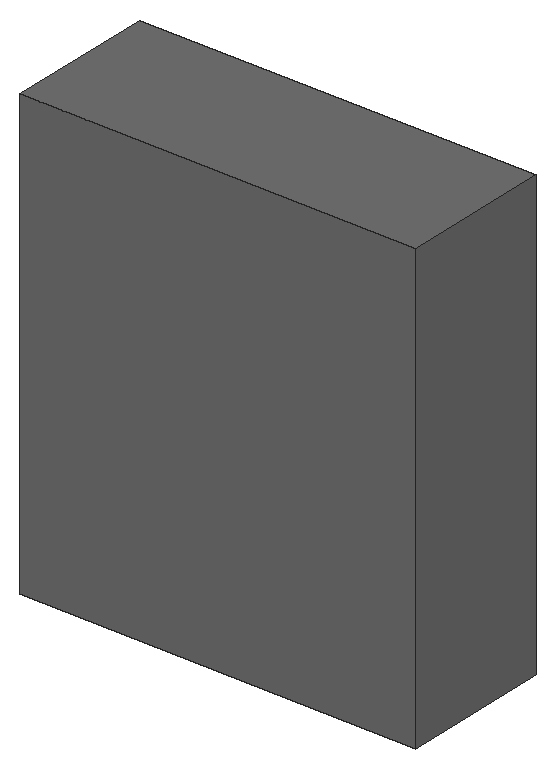
Revit family "FL0111E FAAST-LT aspirasjonsdetektor en kanal", category Fire Alarm Devices, Revit 2016
Family settings
  Maintain Annotation Orientation = No
  Part Type = Normal
  Round Connector Dimension = Use Diameter
  OmniClass Number = 23.85.30.21
  OmniClass Title = Environmental Detection/Registration
  Work Plane-Based = No
  Always vertical = Yes
  Cut with Voids When Loaded = No
  Shared = No
  Room Calculation Point = No
Parameters (values of type "Aspirasjonsdetektor")
  Type Comments = "-RY"
  NV Type tekst synlig [instance] = yes
  NV Type = "ASP"
  NV Montering tekst synlig [instance] = no
  NV Montering [instance] = "Vegg"
  NS8360 = "5423_XN3"
  Material = Plastic - Dark Grey
  h = 403 mm
  d = 135 mm
  b = 356 mm
  NV Symbol Offset Side [instance] = 0 mm
  NV Symbol Offset Out [instance] = 0 mm
  Model = "FAAST-LT"
  Manufacturer = "Honeywell"
  Load = 0 VA
  NV Symbol Positive Direction [instance] = yes
  Keynote = "XN3"
  Detektorklasse = ""
  CQ Voltage = 230 V
  Assembly Code = "5423"
Reference planes
  plane 1 "Center (Front/Back)": y = 0
  plane 2: z = 0
  plane 3 "Center (Left/Right)": x = 0
  plane 4: y = 135
  plane 5: x = -178
  plane 6: x = 178
  plane 7: z = 201.5
  plane 8: z = -201.5
Forms (mm)
  Extrusion 1, solid, material "Plastic - Dark Grey" <- "Material"
    sketch origin (0, 0, 0) x (1, 0, 0) y (0, 1, 0)
      loop
        line (-178, 135) -> (-178, 0) -> (178, 0) -> (178, 135) -> (-178, 135)
    from -201.5 to 201.5
Lines and regions (mm)
  Split face 1
    outline origin (178, 0, 0) x (-1, 0, 0) y (0, 0, -1)
      loop
        line (276, -201.5) -> (276, 78.5)
        arc (276, 78.5) -> (246.978, 146.052) -> (178, 171.5) r 93.128
        line (178, 171.5) -> (0, 171.5)
  Split face 2
    outline origin (178, 0, 0) x (-1, 0, 0) y (0, 0, -1)
      loop
        line (55.651, -201.5) -> (55.651, 6.321)
        arc (55.651, 6.321) -> (114.651, 65.321) -> (173.651, 6.321) r 59
        line (173.651, 6.321) -> (173.651, -201.5)
Dimensions and locks
  equal spacing: plane 5, plane 3 "Center (Left/Right)", plane 6
  "d": plane 1 "Center (Front/Back)" to plane 4
  equal spacing: plane 7, level, plane 8
  "h": plane 7 to plane 8
  "b": plane 5 to plane 6
  locked: plane 5 to Split face 1 sketch curve at 80
  locked: Split face 1 sketch curve to plane 8 at 30
  aligned and locked: Extrusion 1 sketch curve to plane 4
  aligned and locked: Extrusion 1 sketch curve to plane 5
  aligned and locked: Extrusion 1 sketch curve to plane 1 "Center (Front/Back)"
  aligned and locked: plane 6 to Extrusion 1 sketch curve
  aligned and locked: Extrusion 1 to plane 8
  aligned and locked: plane 7 to Extrusion 1
  aligned and locked: plane 1 "Center (Front/Back)" to nested 1
  aligned and locked: plane 3 "Center (Left/Right)" to nested 1
Automatic sketch dimensions
  Split face 1 sketch curve to Extrusion 1 = 123 mm
  Split face 1 sketch curve to Split face 1 sketch curve = 4.872 mm
  Split face 1 sketch curve to Extrusion 1 = 0 mm  (x2)
  Split face 2 sketch curve to Extrusion 1 = 0 mm  (x2)
  Split face 2 sketch curve to Extrusion 1 = 114.651 mm
  Split face 2 sketch curve to Extrusion 1 = 195.179 mm
  Split face 2 sketch curve to Extrusion 1 = 55.651 mm
Nested families
  nested 1: "Aspirasjonsdet" at (0, 0, 0), type "Type 1"
Connectors
  electrical at (0, 0, 0)
    settings: index 1, voltage 0 V, apparent load 0 VA, apparent load phase1 0 VA, apparent load phase2 0 VA, apparent load phase3 0 VA, power factor 1, load classification "Other", number of poles 1, system type 11, power factor state 1, is connector primary yes, connector utility no, sub classification motor no, connector description ""
  electrical at (0, 0, 0), driven by "CQ Voltage", driven by "Load"
    settings: index 2, voltage 230 V, apparent load 0 VA, apparent load phase1 0 VA, apparent load phase2 0 VA, apparent load phase3 0 VA, power factor 1, load classification "Other", number of poles 1, system type 31, power factor state 1, is connector primary no, connector utility no, sub classification motor no, connector description ""
Definition of nested family "Aspirasjonsdet"
  Parameters (values of type "Type 1")
    Type tekst synlig = yes
    Type = "ASP"
    Montering tekst synlig = no
    Montering = "Vegg"
    CQ Symbol Positive Direction = yes
    CQ Symbol Negative Direction = not(CQ Symbol Positive Direction)  # no
    CQ Symbol Offset Side = 0 mm
    CQ Symbol Offset Out = 0 mm
  Reference planes
    plane 1: y = 0
    plane 2: x = 0
  Dimensions and locks
    "CQ Symbol Offset Side": nested 2 to plane 2
    "CQ Symbol Offset Side": plane 2 to nested 1
    "CQ Symbol Offset Out": plane 1 to nested 1
    "CQ Symbol Offset Out": plane 1 to nested 2
  Nested families
    nested 1: "Brannalarmsentral" at (0, 0, 0), visible <- "CQ Symbol Positive Direction", type "Type1"
    nested 2: "Brannalarmsentral" at (0, 0, 0), visible <- "CQ Symbol Negative Direction", type "Type1"
  Definition of nested family "Brannalarmsentral"
    Parameters (values of type "Type1")
      Type tekst synlig = yes
      Type = "BS"
      Montering tekst synlig = no
      Montering = "Vegg"
    Reference planes
      plane 1: y = 0
      plane 2: x = 0
    Lines and regions (mm)
      detail lines
        curve 1: line (-2.5, 2, 0) -> (2.5, 2, 0)
        curve 2: line (2.5, 2, 0) -> (2.5, 7, 0)
        curve 3: line (2.5, 7, 0) -> (-2.5, 7, 0)
        curve 4: line (-2.5, 7, 0) -> (-2.5, 2, 0)
        curve 5: circle (-1.25, 3, 0) r 0.25 normal (0, 0, 1)
        curve 6: line (-1.25, 3.75, 0) -> (-1, 6, 0)
        curve 7: arc (-1, 6, 0) -> (-1.25, 6.25, 0) -> (-1.5, 6, 0) r 0.25
        curve 8: line (-1.5, 6, 0) -> (-1.25, 3.75, 0)
        curve 9: line (-1.25, 5, 0) -> (-1.25, 6, 0)
      detail lines, visible <- "Type tekst synlig"
        curve 10: line (-2.5, 0, 0) -> (2.5, 0, 0)
        curve 11: line (-2.5, 0, 0) -> (-2.5, 2, 0)
        curve 12: line (2.5, 0, 0) -> (2.5, 2, 0)
    Nested families
      nested 1: "txt 1_50" at (3.379, 6.924, 0), visible <- "Montering tekst synlig", Type Name <- "Montering", type "txt"
        with Type Name "Vegg"
      nested 2: "txt 1_50" at (-1.949, 0.863, 0), visible <- "Type tekst synlig", Type Name <- "Type", type "txt"
        with Type Name "BS"
    Definition of nested family "txt 1_50"
      Parameters (values of type "txt")
        Type Name [instance] = "HIM"
      Reference planes
        plane 1: y = 0
        plane 2: x = 0
      Text (mm)
        label "TXT" at (1.952, 0, 0), shows "Type Name"
